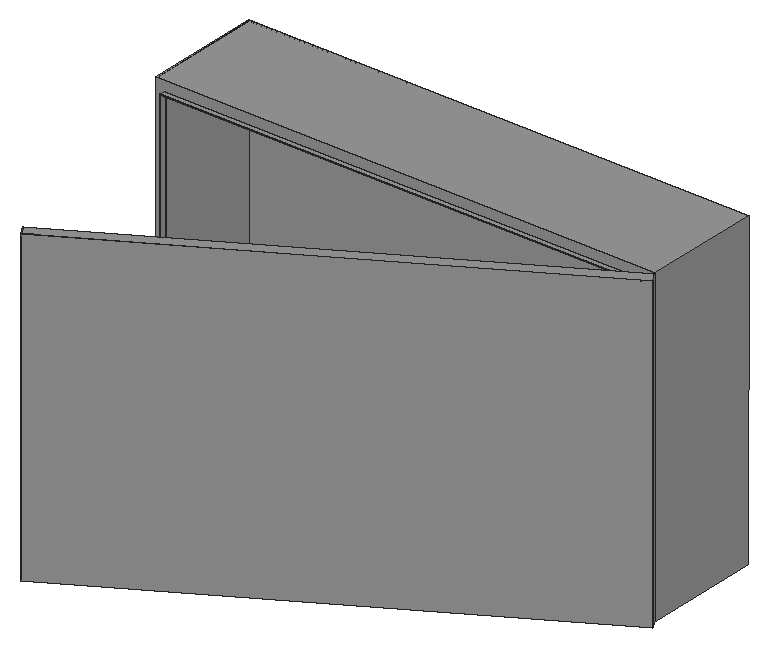
Revit family "Hager-Univers-IP44-D205-H500-Cl.II-Encl-NoHosted-AT-de", category Equipement électrique, Revit 2020
Family settings
  Configuration du panneau = Deux colonnes, circuits au sein
  Cote de connecteur circulaire = Utiliser le diamètre
  Type d'élément = Tableau de raccordement
  Basée sur le plan de construction = Oui
  Toujours verticalement = Oui
  Couper avec des vides une fois chargée = Non
  Partagée = Non
  Point de calcul de pièce = Non
Parameters (values of type "Aufputz IP44 B800 H500 T205  - FP33SN2")
  Width Control [instance] = if([EF000008 - Breite] > Min Width, [EF000008 - Breite], Min Width)  # 800 mm
  Commentaires du type = [HG000003 - Bereich]  # "Univers"
  Thickness Door [instance] = if([EF009171 - Materialstärke Tür/Deckel] > 3 mm, 3 mm, [EF009171 - Materialstärke Tür/Deckel])  # 1 mm
  Seal Frame Offset [instance] = 17 mm  # constant formula
  Plinth Visibility [instance] = [HG000027 - Sockelhöhe] > 0 mm  # no
  Min Width [instance] = 100 mm  # constant formula
  Min Depth [instance] = (2 * [EF009170 - Materialstärke Gehäuse]) + 1 mm  # 3 mm
  Min Height [instance] = 100 mm  # constant formula
  Internal Frame Depth [instance] = (Door System Depth * 0.5)  # 9 mm
  Panel Name [instance] = ""  # (empty or 0)
  Model = ""
  HG000027 - Sockelhöhe = 0 mm
  HG000026 - Stehend auf dem Boden = no
  HG000024 - Höhe des unteren Teils = 600 mm
  HG000023 - Gehäuse mit doppeltem Querschnitt = no
  HG000016 - 3D-Türsichtbarkeit [instance] = yes
  HG000015 - Sichtbarkeit der Türöffnung [instance] = no
  HG000014 - Tür rechts [instance] = yes
  HG000013 - Tür links [instance] = not([HG000014 - Tür rechts])  # no
  HG000012 - Türschwenkwinkel [instance] = 30.00°
  HG000010 - Asymmetrische Türen = no
  HG000009 - Doppelflügeligen Tür = no
  HG000006 - Unterputz = no
  HG000004 - Herstellerreferenz = "FP33SN2"
  HG000003 - Bereich = "Univers"
  HG000002 - Mit tür = yes
  Frame Offset Bottom [instance] = 10 mm  # constant formula
  Frame Offset [instance] = 15 mm  # constant formula
  EF015940 - Deckel mit Überdruckentlastung = no
  EF011959 - Schutzart (NEMA) = ""
  EF009554 - Anzahl der Öffnungen für Flanschplatten = 6
  EF009212 - Ausführung Deckel = "EV000116 - geschlossen"
  EF009171 - Materialstärke Tür/Deckel = 1 mm
  EF009170 - Materialstärke Gehäuse = 1 mm
  EF008873 - Nennstrom (In) = 250 A
  EF007800 - Geeignet für Blitzschutz = no
  EF006306 - Mit Schloss = no
  EF006244 - Transparenter Deckel/Tür = no
  EF005474 - Schutzart (IP) = "EV006418 - IP44"
  EF004464 - Art der Tür = "EV002646 - Einzel"
  EF004427 - Anzahl der Module = 108
  EF004293 - Schlagfestigkeit = "EV006815 - IK09"
  EF003532 - Geeignet für Außengebrauch = no
  EF002950 - Breite in Teilungseinheiten = 36
  EF001613 - Funktionserhalt = "EV000494 - ohne"
  EF001596 - Werkstoff des Gehäuses = "EV000179 - Stahl"
  EF001131 - Innentiefe = 143 mm
  EF001088 - Anbaumöglichkeit = yes
  EF000437 - Anzahl der Leitungseinführungen = 6
  EF000339 - Art der Abdeckung = "EV001012 - Deckel"
  EF000266 - Anzahl der Reihen = 3
  EF000218 - Einbautiefe = 205 mm
  EF000118 - Mit Montageplatte = no
  EF000116 - RAL-Nummer = "9010"
  EF000049 - Tiefe = 205 mm
  EF000040 - Höhe = 500 mm
  EF000008 - Breite = 800 mm
  EF000007 - Farbe = "EV000202 - weiß"
  EF000003 - Montageart = "EV000384 - Aufputz"
  Door System Leaf Tolerance [instance] = 1.5 mm  # constant formula
  Door System Depth [instance] = 18 mm  # constant formula
  Door Height [instance] = Height Control - [HG000027 - Sockelhöhe]  # 500 mm
  Description = ""
  Default Elevation = 1219.2 mm
  Connector Offset [instance] = Height Control / 2  # 250 mm
  Fabricant = "Hager"  # constant formula
  Height Control [instance] = if([EF000040 - Höhe] > Min Height, [EF000040 - Höhe], Min Height)  # 500 mm
  Depth Control [instance] = if([EF000049 - Tiefe] > Min Depth, [EF000049 - Tiefe], Min Depth)  # 205 mm
  Bottom Top Plate Trim [instance] = 1.5 mm  # constant formula
  Plinth height Ctrl [instance] = if([HG000027 - Sockelhöhe] > 0 mm, [HG000027 - Sockelhöhe], 12 mm)  # 12 mm
Types (5, lengths in mm): name | Width Control | HG000010 - Asymmetrische Türen | HG000009 - Doppelflügeligen Tür | HG000004 - Herstellerreferenz | EF009554 - Anzahl der Öffnungen für Flanschplatten | EF004464 - Art der Tür | EF004427 - Anzahl der Module | EF002950 - Breite in Teilungseinheiten | EF000437 - Anzahl der Leitungseinführungen | EF000008 - Breite
  Aufputz IP44 B1050 H500 T205  - FP34SN2 | 1050 | no | yes | "FP34SN2" | 8 | "EV003602 - Doppel" | 144 | 48 | 8 | 1050
  Aufputz IP44 B1300 H500 T205  - FP35SN2 | 1300 | yes | yes | "FP35SN2" | 10 | "EV003602 - Doppel" | 180 | 60 | 10 | 1300
  Aufputz IP44 B300 H500 T205  - FP31SN2 | 300 | no | no | "FP31SN2" | 2 | "EV002646 - Einzel" | 36 | 12 | 2 | 300
  Aufputz IP44 B550 H500 T205  - FP32SN2 | 550 | no | no | "FP32SN2" | 4 | "EV002646 - Einzel" | 72 | 24 | 4 | 550
  Aufputz IP44 B800 H500 T205  - FP33SN2 | 800 | no | no | "FP33SN2" | 6 | "EV002646 - Einzel" | 108 | 36 | 6 | 800
Reference planes
  plane 1 "Center (Front/Back)": y = 0
  plane 2: z = 0
  plane 3 "Center (Left/Right)": x = 0
  plane 4: y = 0
  plane 5: y = 0
  plane 6: z = 0
  plane 7: x = -400
  plane 8: x = 400
  plane 9: x = 399
  plane 10: x = -399
  plane 11: z = 0
  plane 12: z = 1
  plane 13: y = -205
  plane 14: y = -1
  plane 15: x = 0
  plane 16: y = -187
  plane 17: y = -204
  plane 18: y = -186
  plane 19: x = -384
  plane 20: x = 384
  plane 21: z = 11
  plane 22: x = -383
  plane 23: x = 383
  plane 24: z = 0
  plane 25: z = 500
  plane 26: z = 500
  plane 27: z = 484
  plane 28: z = 499
Forms (mm)
  Extrusion 1, solid, material "Hager_Steel_RAL7035_Light_Grey", detail levels medium+fine
    sketch origin (-208.679, -4572, 0) x (-1, 0, 0) y (0, -1, 0)
      loop
        line (191.321, -4385) -> (-608.679, -4385) -> (-608.679, -4572) -> (191.321, -4572) -> (191.321, -4385)
    from 0 to 500
  Extrusion 2, void
    sketch origin (-350.771, -205, 1219.2) x (1, 0, 0) y (0, 0, 1)
      loop
        line (-48.229, -720.2) -> (-48.229, -1218.2) -> (749.771, -1218.2) -> (749.771, -720.2) -> (-48.229, -720.2)
    from -19 to -204
  Extrusion 3, void
    sketch origin (-290.084, -187, 1219.2) x (1, 0, 0) y (0, 0, 1)
      loop
        line (-93.916, -1208.2) -> (674.084, -1208.2) -> (674.084, -735.2) -> (-93.916, -735.2) -> (-93.916, -1208.2)
    from 0 to -1
  Extrusion 4, solid, material "Hager_Steel_RAL7035_Light_Grey", visible <- "Plinth Visibility", detail levels medium+fine
    sketch origin (0, 0, 0) x (1, 0, 0) y (0, 1, 0)
      loop
        line (-400, 0) -> (-400, -187) -> (400, -187) -> (400, 0) -> (-400, 0)
    from 0 to 12 <- "Plinth height Ctrl"
  Extrusion 5, solid, material "Hager_Steel_RAL7035_Light_Grey", detail levels coarse
    sketch origin (0, 0, 0) x (1, 0, 0) y (0, 1, 0)
      loop
        line (-400, 0) -> (-400, -205) -> (400, -205) -> (400, 0) -> (-400, 0)
    from 0 to 500 <- "Height Control"
  Sweep 6, void
    path in 3D
      loop
        line (-400, -187, 12) -> (400, -187, 12) -> (400, 0, 12) -> (-400, 0, 12) -> (-400, -187, 12)
    profile origin (-400, -93.5, 12) x (1, 0, 0) y (0, 0, 1)
      loop
        line (0, 0) -> (0, -1.5) -> (1.5, -1.5)
        arc (1.5, -1.5) -> (1.061, -0.439) -> (0, 0) r 1.5
  Extrusion 7, solid, material "Hager_Steel_RAL7035_Light_Grey", detail levels fine
    sketch origin (-400, -187, 0) x (1, 0, 0) y (0, 0, 1)
      loop
        line (16, 11) -> (784, 11) -> (784, 484) -> (16, 484) -> (16, 11)
      loop
        line (15, 10) -> (785, 10) -> (785, 485) -> (15, 485) -> (15, 10)
    from 0 to 9 <- "Internal Frame Depth"
Cuts and joins
  Extrusion 2, Extrusion 3 cuts Extrusion 1
  Sweep 6 cuts Extrusion 4
Lines and regions (mm)
  Masking region 1
    outline origin (0, 0, 0) x (1, 0, 0) y (0, 1, 0)
      loop
        line (-400, 0) -> (-400, -205) -> (400, -205) -> (400, 0) -> (-400, 0)
  Masking region 2, detail levels coarse
    outline origin (-290.084, -187, 1219.2) x (-1, 0, 0) y (0, 0, 1)
      loop
        line (-690.084, -1219.2) -> (109.916, -1219.2) -> (109.916, -719.2) -> (-690.084, -719.2) -> (-690.084, -1219.2)
  Masking region 3, detail levels coarse
    outline origin (0, 0, 0) x (0, 1, 0) y (0, 0, 1)
      loop
        line (0, 0) -> (0, 500) -> (-205, 500) -> (-205, 0) -> (0, 0)
  Masking region 4, visible <- "Plinth Visibility", detail levels medium+fine
    outline origin (0, 0, 0) x (0, 1, 0) y (0, 0, 1)
      loop
        line (-1.5, 12) -> (-185.5, 12)
        arc (-185.5, 12) -> (-185.939, 10.939) -> (-187, 10.5) r 1.5
        line (-187, 10.5) -> (-187, 0) -> (0, 0) -> (0, 10.5)
        arc (0, 10.5) -> (-1.061, 10.939) -> (-1.5, 12) r 1.5
  Masking region 5, detail levels medium+fine
    outline origin (0, 0, 594.038) x (0, 1, 0) y (0, 0, 1)
      loop
        line (0, -594.038) -> (0, -94.038) -> (-187, -94.038) -> (-187, -594.038) -> (0, -594.038)
  Masking region 6, detail levels medium+fine
    outline origin (-359.7, -187, 1211.883) x (-1, 0, 0) y (0, 0, 1)
      loop
        line (-759.7, -1211.883) -> (40.3, -1211.883) -> (40.3, -711.883) -> (-759.7, -711.883) -> (-759.7, -1211.883)
  Masking region 7, visible <- "Plinth Visibility", detail levels medium+fine
    outline origin (-320.334, -187, 1041.368) x (-1, 0, 0) y (0, 0, 1)
      loop
        line (-720.334, -1041.368) -> (79.666, -1041.368) -> (79.666, -1030.868)
        arc (79.666, -1030.868) -> (78.606, -1030.429) -> (78.166, -1029.368) r 1.5
        line (78.166, -1029.368) -> (-718.834, -1029.368)
        arc (-718.834, -1029.368) -> (-719.273, -1030.429) -> (-720.334, -1030.868) r 1.5
        line (-720.334, -1030.868) -> (-720.334, -1041.368)
  sketch lines
    curve 1: line (-400, 0, 12) -> (-400, -187, 12)
    curve 2: line (-400, -187, 12) -> (400, -187, 12)
    curve 3: line (400, 0, 12) -> (-400, 0, 12)
    curve 4: line (400, -187, 12) -> (400, 0, 12)
Dimensions and locks
  locked: plane 1 "Center (Front/Back)" to plane 5
  "EF009170 - Materialstärke Gehäuse": plane 7 to plane 10
  "EF009170 - Materialstärke Gehäuse": plane 8 to plane 9
  equal spacing: plane 7, plane 3 "Center (Left/Right)", plane 8
  "Width Control": plane 7 to plane 8
  "Depth Control": plane 4 to plane 13
  "EF009170 - Materialstärke Gehäuse": plane 4 to plane 14
  "Height Control": plane 25 to level
  "HG000027 - Sockelhöhe": plane 11 to level
  "EF009170 - Materialstärke Gehäuse": plane 12 to plane 11
  "EF009170 - Materialstärke Gehäuse": plane 17 to plane 13
  "EF009170 - Materialstärke Gehäuse": plane 18 to plane 16
  "Frame Offset Bottom": plane 21 to plane 12
  "Frame Offset": plane 10 to plane 19
  "Frame Offset": plane 9 to plane 20
  "Door System Depth": plane 16 to plane 13
  "Seal Frame Offset": plane 7 to plane 22
  "Seal Frame Offset": plane 8 to plane 23
  "EF009170 - Materialstärke Gehäuse": plane 26 to plane 28
  "Frame Offset": plane 28 to plane 27
  "Connector Offset": plane 2 to connector elem
  "Bottom Top Plate Trim": profile plane to Sweep 6 sketch curve
  "Bottom Top Plate Trim": Sweep 6 sketch curve to Sweep 6 sketch curve
  "Plinth height Ctrl": Masking region 4 sketch curve to level
  "Plinth height Ctrl": Masking region 7 sketch curve to level
  "Thickness Door": Extrusion 7 sketch curve to Extrusion 7 sketch curve  (x4)
  "Bottom Top Plate Trim": radius of Sweep 6 sketch curve
  "Bottom Top Plate Trim": radius of Masking region 4 sketch curve  (x2)
  "Bottom Top Plate Trim": radius of Masking region 7 sketch curve  (x2)
  aligned and locked: Extrusion 2 sketch curve to plane 12
  aligned and locked: Extrusion 2 sketch curve to plane 9
  aligned and locked: Extrusion 2 sketch curve to plane 10
  aligned and locked: Extrusion 2 to plane 14
  aligned and locked: Extrusion 1 sketch curve to plane 4
  aligned and locked: plane 8 to Extrusion 1 sketch curve
  aligned and locked: plane 7 to Extrusion 1 sketch curve
  aligned and locked: Extrusion 2 to plane 18
  aligned and locked: plane 19 to Extrusion 3 sketch curve
  aligned and locked: plane 20 to Extrusion 3 sketch curve
  aligned and locked: Extrusion 3 to Extrusion 2
  aligned and locked: Extrusion 3 sketch curve to plane 21
  aligned and locked: plane 3 "Center (Left/Right)" to nested 1
  aligned and locked: Extrusion 1 sketch curve to plane 16
  aligned and locked: Extrusion 4 sketch curve to cut or joined group of Extrusion 1, Extrusion 2, Extrusion 3
  aligned and locked: Masking region 1 sketch curve to plane 7
  aligned and locked: Masking region 1 sketch curve to plane 5
  aligned and locked: Masking region 1 sketch curve to plane 8
  aligned and locked: Masking region 2 sketch curve to level
  aligned and locked: level to Masking region 3 sketch curve
  aligned and locked: plane 1 "Center (Front/Back)" to Masking region 3 sketch curve
  aligned and locked: plane 13 to Masking region 3 sketch curve
  aligned and locked: plane 5 to Masking region 4 sketch curve
  aligned and locked: Masking region 2 sketch curve to plane 8
  aligned and locked: Masking region 2 sketch curve to plane 7
  aligned and locked: plane 7 to nested 2
  aligned and locked: nested 2 to plane 5
  aligned and locked: plane 5 to Masking region 5 sketch curve
  aligned and locked: plane 26 to Masking region 5 sketch curve
  aligned and locked: Extrusion 5 sketch curve to plane 8
  aligned and locked: Extrusion 5 sketch curve to plane 7
  aligned and locked: Extrusion 5 sketch curve to plane 5
  aligned and locked: Extrusion 3 sketch curve to plane 27
  aligned and locked: Extrusion 2 sketch curve to plane 28
  aligned and locked: Masking region 2 to plane 25
  aligned and locked: Extrusion 4 to plane 16
  aligned and locked: profile plane to Sweep 6 sketch curve
  aligned and locked: Masking region 5 sketch curve to plane 24
  aligned and locked: level to Masking region 4 sketch curve
  aligned and locked: Masking region 1 to plane 13
  aligned and locked: nested 1 to plane 16
  aligned and locked: Masking region 3 to plane 25
  aligned and locked: plane 16 to Masking region 4 sketch curve
  aligned and locked: Masking region 5 sketch curve to plane 16
  aligned and locked: plane 24 to plane 11
  aligned and locked: plane 26 to plane 25
  aligned and locked: plane 26 to cut or joined group of Extrusion 1, Extrusion 2, Extrusion 3
  aligned and locked: nested 1 to plane 24
  aligned and locked: Extrusion 1 to Extrusion 3
  aligned and locked: Masking region 6 sketch curve to plane 8
  aligned and locked: Masking region 6 sketch curve to plane 24
  aligned and locked: Masking region 6 sketch curve to plane 7
  aligned and locked: Masking region 6 sketch curve to plane 26
  aligned and locked: Masking region 7 sketch curve to plane 7
  aligned and locked: level to Masking region 7 sketch curve
  aligned and locked: Masking region 7 sketch curve to plane 8
  aligned and locked: Extrusion 7 sketch curve to cut or joined group of Extrusion 1, Extrusion 2, Extrusion 3  (x4)
Automatic sketch dimensions
  plane 19 to Extrusion 3 sketch curve = 0 mm
  Extrusion 3 sketch curve to plane 20 = 0 mm
  Extrusion 3 sketch curve to plane 21 = 0 mm
  Extrusion 4 sketch curve to plane 7 = 0 mm
  Extrusion 4 sketch curve to plane 8 = 0 mm
  Extrusion 4 sketch curve to plane 16 = 0 mm
  Masking region 1 sketch curve to plane 13 = 0 mm
  Masking region 2 sketch curve to plane 25 = 0 mm
  Masking region 3 sketch curve to plane 25 = 0 mm
  Extrusion 5 sketch curve to plane 13 = 0 mm
  profile plane to Sweep 6 sketch curve = 0 mm
Nested families
  nested 1: "EC000058_Univers_Door" at (0, -187, 0), Double <- "HG000009 - Doppelflügeligen Tür", Transparent <- "EF006244 - Transparenter Deckel/Tür", Angle <- "HG000012 - Türschwenkwinkel", Door_Right <- "HG000014 - Tür rechts", Assymetrical <- "HG000010 - Asymmetrische Türen", Door <- "HG000002 - Mit tür", Width_Ctrl <- "Width Control", 3d_Door <- "HG000016 - 3D-Türsichtbarkeit", Clearance <- "HG000015 - Sichtbarkeit der Türöffnung", Door_Left <- "HG000013 - Tür links", Width <- "Width Control", Door_Depth <- "Door System Depth", Leaf_Tolerance <- "Door System Leaf Tolerance", Height <- "Door Height", Lock_Visibility <- "EF006306 - Mit Schloss", Thickness <- "Thickness Door", type "EC000058_Univers_Door", detail levels medium+fine
    with min_wh 3 mm, Width_Ctrl 800 mm, Width 800 mm, Transparent no, Thickness 1 mm, Seal_Material Hager_Rubber, Lock_Visibility no, Lock_Material Hager_Plastic_RAL9005_Jet_Black, Leaf_Width 800 mm, Leaf_Tolerance_External_Sides 0 mm, Leaf_Tolerance 1.5 mm, Leaf_Offset 0 mm, Leaf_Height 497 mm, Leaf_2_Width 800 mm, Leaf_2_Offset 400 mm, Leaf_1_Width 800 mm, Leaf_1_Offset 400 mm, Height_Ctrl 500 mm, Height 500 mm, Glass_Material Hager_Glass, Double_Clearance_Ctrl no, Double no, Door_Right_Ctrl yes, Door_Right yes, Door_Material Hager_Steel_RAL7035_Light_Grey, Door_Left_Ctrl no, Door_Left no, Door_Depth 18 mm, Door yes, Clearance_Material Hager_Clearance, Clearance_Depth 800 mm, Clearance_Ctrl no, Clearance no, Assymetrical no, Angle 30.00°, 3d_Door yes
  nested 2: "Hager_Enclosure_Symbol" at (-400, 0, 0), Height <- "Depth Control", Width <- "Width Control", type "Hager_Enclosure_Symbol"
    with Width_Ctrl 800 mm, Width 800 mm, Height_Ctrl 205 mm, Height 205 mm, A_Width_Int 13.453 mm, A_Width 161.438 mm, A_Height_Ctrl 179.375 mm, A_Height 179.375 mm
Connectors
  electrical at (0, 0, 250)
    settings: on plane 1 "Center (Front/Back)", index 1, voltage 0 V, apparent load 0 VA, apparent load phase1 0 VA, apparent load phase2 0 VA, apparent load phase3 0 VA, power factor 1, load classification "Other", number of poles 1, system type 30, power factor state 1, is connector primary yes, connector utility no, sub classification motor no, connector description ""
Definition of nested family "EC000058_Univers_Door"
  Parameters (values of type "EC000058_Univers_Door")
    min_wh [instance] = (2 * Thickness) + 1 mm  # 11 mm
    Width_Ctrl [instance] = 400 mm
    Width [instance] = 500 mm
    Transparent [instance] = yes
    Thickness [instance] = 5 mm
    Seal_Material [instance] = none
    Lock_Visibility [instance] = yes
    Lock_Material [instance] = none
    Leaf_Width [instance] = if((Width_Ctrl - 2 * Leaf_Tolerance_External_Sides) > 0 mm, (Width_Ctrl - 2 * Leaf_Tolerance_External_Sides), min_wh)  # 400 mm
    Leaf_Tolerance_External_Sides [instance] = 0 mm  # constant formula
    Leaf_Tolerance [instance] = 1.5 mm
    Leaf_Offset [instance] = 0 mm  # constant formula
    Leaf_Height [instance] = if((Height_Ctrl - 2 * Leaf_Tolerance) > 0 mm, (Height_Ctrl - 2 * Leaf_Tolerance), min_wh)  # 497 mm
    Leaf_2_Width [instance] = if(and(and(Double, Assymetrical), Door_Left), (Leaf_Width / 3) - (Leaf_Tolerance / 2), if(and(and(Double, Assymetrical), Door_Right), (Leaf_Width / 3) * 2 - (Leaf_Tolerance / 2), if(and(Double, not(Assymetrical)), (Leaf_Width / 2) - Leaf_Tolerance, Leaf_Width)))  # 400 mm
    Leaf_2_Offset [instance] = if(and(Double, Assymetrical), Leaf_2_Width / 2, if(and(Double, not(Assymetrical)), Leaf_Width / 4, Leaf_Width / 2))  # 200 mm
    Leaf_1_Width [instance] = if(and(and(Double, Assymetrical), Door_Right), (Leaf_Width / 3) - (Leaf_Tolerance / 2), if(and(and(Double, Assymetrical), Door_Left), (Width / 3) * 2 - (Leaf_Tolerance / 2), if(and(Double, not(Assymetrical)), (Leaf_Width / 2) - Leaf_Tolerance, Leaf_Width)))  # 400 mm
    Leaf_1_Offset [instance] = if(and(Double, Assymetrical), Leaf_1_Width / 2, if(and(Double, not(Assymetrical)), Leaf_Width / 4, Leaf_Width / 2))  # 200 mm
    Height_Ctrl [instance] = if(Height > min_wh, Height, min_wh)  # 500 mm
    Height [instance] = 500 mm
    Glass_Material [instance] = none
    Double_Clearance_Ctrl [instance] = and(Double, Clearance)  # no
    Double [instance] = no
    Door_Right_Ctrl [instance] = and(or(Door_Right, Double), Door)  # yes
    Door_Right [instance] = yes
    Door_Material [instance] = none
    Door_Left_Ctrl [instance] = and(or(Door_Left, Double), Door)  # no
    Door_Left [instance] = no
    Door_Depth [instance] = 30 mm
    Door [instance] = yes
    Default Elevation = 1219.2 mm
    Clearance_Material [instance] = none
    Clearance_Depth [instance] = if(Leaf_1_Width > Leaf_2_Width, Leaf_1_Width, Leaf_2_Width)  # 400 mm
    Clearance_Ctrl [instance] = and(not(Double), Clearance)  # yes
    Clearance [instance] = yes
    Assymetrical [instance] = yes
    Angle [instance] = 30.00°
    3d_Door [instance] = yes
  Reference planes
    plane 1 "Center (Front/Back)": y = 0
    plane 2 "Bottom": z = 0
    plane 3 "Center (Left/Right)": x = 0
    plane 4: z = 500
    plane 5: x = -200
    plane 6: x = 200
    plane 7: z = 500
    plane 8: x = -200
    plane 9: z = 0
    plane 10: x = 200
    plane 11: y = 0
    plane 12: z = 1.5
    plane 13: x = -600
    plane 14: y = -400
    plane 15: x = 600
    plane 16: x = 0
    plane 17: x = 0
    plane 18: x = -200
    plane 19: x = 200
    plane 20: z = 498.5
  Forms (mm)
    Extrusion 1, solid, material <- "Clearance_Material", visible <- "Double_Clearance_Ctrl"
      sketch origin (1200, 0, 0) x (1, 0, 0) y (0, 0, -1)
        loop
          line (-1800, -498.5) -> (-600, -498.5) -> (-600, 0) -> (-1800, 0) -> (-1800, -498.5)
      from 0 to -400
  Dimensions and locks
    equal spacing: plane 5, plane 3 "Center (Left/Right)", plane 6
    "Width_Ctrl": plane 5 to plane 6
    "Leaf_Offset": plane 5 to plane 8
    "Leaf_Offset": plane 6 to plane 10
    "Leaf_Offset": plane 9 to level
    "Leaf_Offset": plane 4 to plane 7
    "Height_Ctrl": plane 4 to level
    "Leaf_Tolerance": plane 12 to plane 9
    locked: plane 11 to plane 1 "Center (Front/Back)"
    "Leaf_1_Offset": plane 18 to plane 16
    "Leaf_2_Offset": plane 17 to plane 19
    "Leaf_1_Width": plane 13 to plane 8
    "Leaf_2_Width": plane 10 to plane 15
    "Clearance_Depth": plane 14 to plane 1 "Center (Front/Back)"
    "Leaf_Tolerance_External_Sides": plane 8 to plane 18
    "Leaf_Tolerance_External_Sides": plane 19 to plane 10
    "Leaf_Tolerance": plane 7 to plane 20
    aligned and locked: level to plane 2 "Bottom"
    aligned and locked: nested 1 to plane 16
    aligned and locked: nested 2 to plane 17
    aligned and locked: Extrusion 1 to plane 13
    aligned and locked: plane 15 to Extrusion 1
    aligned and locked: Extrusion 1 to plane 14
    aligned and locked: plane 12 to nested 1
    aligned and locked: nested 2 to plane 12
    aligned and locked: Extrusion 1 to plane 11
    aligned and locked: plane 20 to Extrusion 1
    aligned and locked: nested 2 to plane 11
    aligned and locked: nested 1 to plane 11
  Automatic sketch dimensions
    Extrusion 1 sketch curve to level = 0 mm
    plane 5 to Extrusion 1 sketch curve = 400 mm
    plane 6 to Extrusion 1 sketch curve = 400 mm
    Extrusion 1 sketch curve to plane 4 = 1.5 mm
  Nested families
    nested 1: "EC000058_Univers_Door_Leaf" at (0, 0, 1.5), Width <- "Leaf_1_Width", visible <- "Door_Left_Ctrl", Leaf_Height <- "Leaf_Height", Angle <- "Angle", 3d_Door <- "3d_Door", Transparent <- "Transparent", Clearance Material <- "Clearance_Material", Clearance <- "Clearance_Ctrl", Door_Material <- "Door_Material", Glass_Material <- "Glass_Material", Door_Depth <- "Door_Depth", Lock_Material <- "Lock_Material", Seal_Material <- "Seal_Material", Lock_Visibility <- "Lock_Visibility", Thickness <- "Thickness", type "EC000058_Univers_Door_Leaf"
      with Width 400 mm, Transparent_Glass_Offset 30 mm, Transparent_Ctrl yes, Transparent yes, Thickness 5 mm, Standard no, Seal_Material none, Seal_D2 8 mm, Seal_D1 1 mm, Offset_Internal_Frame 10 mm, Lock_Width 20 mm, Lock_Visibility_3d yes, Lock_Visibility yes, Lock_Thickness_3 3 mm, Lock_Thickness_2 1 mm, Lock_Thickness_1 3 mm, Lock_Radius_Offset_2 16 mm, Lock_Radius_Offset_1 15 mm, Lock_Radius_2 5 mm, Lock_Radius 6 mm, Lock_Offset 5 mm, Lock_Material none, Lock_Height 80 mm, Lock_Cover_Top_Offset_2d 17 mm, Lock_Cover_Height -65 mm, Leaf_Height 497 mm, Internal_Seal_Thickness 8 mm, Internal_Seal_Depth_2 4.5 mm, Internal_Frame_Depth 25 mm, Glass_Thickness -1 mm, Glass_Offset -2 mm, Glass_Material none, Door_Material none, Door_Depth 30 mm, Clearance Material none, Clearance yes, Angle_Ctrl 30.00°, Angle 30.00°, 3d_Door yes
    nested 2: "EC000058_Univers_Door_Leaf" at (0, 0, 1.5) x (-1, 0, 0) z (0, 0, 1), Width <- "Leaf_2_Width", visible <- "Door_Right_Ctrl", Leaf_Height <- "Leaf_Height", Angle <- "Angle", 3d_Door <- "3d_Door", Transparent <- "Transparent", Clearance Material <- "Clearance_Material", Clearance <- "Clearance_Ctrl", Door_Material <- "Door_Material", Glass_Material <- "Glass_Material", Door_Depth <- "Door_Depth", Lock_Material <- "Lock_Material", Seal_Material <- "Seal_Material", Lock_Visibility <- "Lock_Visibility", Thickness <- "Thickness", type "EC000058_Univers_Door_Leaf"
      with Width 400 mm, Transparent_Glass_Offset 30 mm, Transparent_Ctrl yes, Transparent yes, Thickness 5 mm, Standard no, Seal_Material none, Seal_D2 8 mm, Seal_D1 1 mm, Offset_Internal_Frame 10 mm, Lock_Width 20 mm, Lock_Visibility_3d yes, Lock_Visibility yes, Lock_Thickness_3 3 mm, Lock_Thickness_2 1 mm, Lock_Thickness_1 3 mm, Lock_Radius_Offset_2 16 mm, Lock_Radius_Offset_1 15 mm, Lock_Radius_2 5 mm, Lock_Radius 6 mm, Lock_Offset 5 mm, Lock_Material none, Lock_Height 80 mm, Lock_Cover_Top_Offset_2d 17 mm, Lock_Cover_Height -65 mm, Leaf_Height 497 mm, Internal_Seal_Thickness 8 mm, Internal_Seal_Depth_2 4.5 mm, Internal_Frame_Depth 25 mm, Glass_Thickness -1 mm, Glass_Offset -2 mm, Glass_Material none, Door_Material none, Door_Depth 30 mm, Clearance Material none, Clearance yes, Angle_Ctrl 30.00°, Angle 30.00°, 3d_Door yes
  Definition of nested family "EC000058_Univers_Door_Leaf"
    Parameters (values of type "EC000058_Univers_Door_Leaf")
      Width [instance] = 2000 mm
      Transparent_Glass_Offset [instance] = 30 mm
      Transparent_Ctrl [instance] = and(Transparent, [3d_Door])  # yes
      Transparent [instance] = yes
      Thickness [instance] = 5 mm
      Standard [instance] = and(not(Transparent), [3d_Door])  # no
      Seal_Material [instance] = none
      Seal_D2 [instance] = 8 mm  # constant formula
      Seal_D1 [instance] = 1 mm  # constant formula
      Offset_Internal_Frame [instance] = 10 mm  # constant formula
      Lock_Width [instance] = 20 mm  # constant formula
      Lock_Visibility_3d [instance] = and(Lock_Visibility, [3d_Door])  # yes
      Lock_Visibility [instance] = yes
      Lock_Thickness_3 [instance] = 3 mm  # constant formula
      Lock_Thickness_2 [instance] = 1 mm  # constant formula
      Lock_Thickness_1 [instance] = 3 mm  # constant formula
      Lock_Radius_Offset_2 [instance] = Lock_Radius_Offset_1 + 1 mm  # 16 mm
      Lock_Radius_Offset_1 [instance] = 15 mm  # constant formula
      Lock_Radius_2 [instance] = Lock_Radius - 1 mm  # 5 mm
      Lock_Radius [instance] = 6 mm  # constant formula
      Lock_Offset [instance] = 5 mm  # constant formula
      Lock_Material [instance] = none
      Lock_Height [instance] = 80 mm  # constant formula
      Lock_Cover_Top_Offset_2d [instance] = Lock_Radius_Offset_2 + 1 mm  # 17 mm
      Lock_Cover_Height [instance] = -(Lock_Height - Lock_Radius_Offset_1)  # -65 mm
      Leaf_Height [instance] = 2720.336 mm
      Internal_Seal_Thickness [instance] = 8 mm  # constant formula
      Internal_Seal_Depth_2 [instance] = 4.5 mm  # constant formula
      Internal_Frame_Depth [instance] = if(Door_Depth - Thickness > 5 mm, Door_Depth - Thickness, 5 mm)  # 25 mm
      Glass_Thickness [instance] = if(Thickness > 15 mm, Glass_Offset + 10 mm, -1 mm)  # -1 mm
      Glass_Offset [instance] = if(Thickness > 15 mm, -(Thickness + 10 mm) / 2, -2 mm)  # -2 mm
      Glass_Material [instance] = none
      Door_Material [instance] = none
      Door_Depth [instance] = 30 mm
      Default Elevation = 0 mm
      Clearance Material [instance] = none
      Clearance [instance] = yes
      Angle_Ctrl [instance] = if(Angle > 180.00°, 180.00°, Angle)  # 90.00°
      Angle [instance] = 90.00°
      3d_Door [instance] = yes
    Reference planes
      plane 1 "Center (Front/Back)": y = 0
      plane 2: z = 0
      plane 3 "Center (Left/Right)": x = 0
      plane 4: y = 2000
      plane 5: x = -1000
      plane 6: x = 1000
      plane 7: x = -3000
      plane 8: z = 2720.336
      plane 9: z = 30
      plane 10: z = 2690.336
      plane 11: x = 970
      plane 12: x = -970
      plane 13: y = -3
      plane 14: z = 107.833
      plane 15: y = -5
      plane 16: y = -223.314
      plane 17: x = -1000
      plane 18: z = 1360.168
      plane 19: y = 30
    Forms (mm)
      Extrusion 1, solid, material <- "Clearance Material", visible <- "Clearance"
        sketch origin (0, 0, 0) x (1, 0, 0) y (0, 0, 1)
          loop
            line (-3000, 2720.336) -> (-3000, 0) -> (1000, 0) -> (1000, 2720.336) -> (-3000, 2720.336)
        from 0 to -2000
      Extrusion 2, solid, material <- "Door_Material", visible <- "Standard", detail levels medium+fine
        sketch origin (-1000, 0, 0) x (0, 1, 0) y (-1, 0, 0)
          loop
            line (0, 30) -> (0, 25) -> (2000, 25) -> (2000, 30) -> (0, 30)
        from 0 to 2720.336 <- "Leaf_Height"
      Extrusion 3, solid, material <- "Door_Material", visible <- "Transparent_Ctrl", detail levels medium+fine
        sketch origin (-1000, 0, 0) x (0, 1, 0) y (-1, 0, 0)
          loop
            line (0, 25) -> (2000, 25) -> (2000, 30) -> (0, 30) -> (0, 25)
        from 0 to 2720.336 <- "Leaf_Height"
      Extrusion 4, void
        sketch origin (-1025, 2000, 0) x (0, 1, 0) y (0, 0, -1)
          loop
            line (-30, -2690.336) -> (-30, -30) -> (-1970, -30) -> (-1970, -2690.336) -> (-30, -2690.336)
        from 0 to 5 <- "Thickness"
      Sweep 5, solid, material <- "Seal_Material", visible <- "Transparent_Ctrl", detail levels fine
        path in 3D
          loop
            line (-1025, 30, 30) -> (-1025, 30, 2690.336) -> (-1025, 1970, 2690.336) -> (-1025, 1970, 30) -> (-1025, 30, 30)
        profile origin (-1025, 1000, 30) x (1, 0, 0) y (0, 0, 1)
          loop
            line (0, 0) -> (0, -8) -> (1, -8) -> (1, 0) -> (0, 0)
      Extrusion 6, solid, material <- "Glass_Material", visible <- "Transparent_Ctrl", detail levels medium+fine
        sketch origin (-1030, 0, 0) x (0, 1, 0) y (0, 0, -1)
          loop
            line (1970, -2690.336) -> (1970, -30) -> (30, -30) -> (30, -2690.336) -> (1970, -2690.336)
        from -2 <- "Glass_Offset" to -1 <- "Glass_Thickness"
      Extrusion 7, solid, material <- "Door_Material", visible <- "3d_Door", detail levels medium+fine
        sketch origin (-1025, 2000, 0) x (0, -1, 0) y (0, 0, -1)
          loop
            line (0, -2720.336) -> (2000, -2720.336) -> (2000, 0) -> (0, 0) -> (0, -2720.336)
          loop
            line (1995, -5) -> (5, -5) -> (5, -2715.336) -> (1995, -2715.336) -> (1995, -5)
        from 0 to 25 <- "Internal_Frame_Depth"
      Sweep 8, solid, material <- "Seal_Material", visible <- "Transparent_Ctrl", detail levels fine
        path in 3D
          loop
            line (-1025, 0, 0) -> (-1025, 2000, 0) -> (-1025, 2000, 2720.336) -> (-1025, 0, 2720.336) -> (-1025, 0, 0)
        profile origin (-1025, 0, 1360.168) x (1, 0, 0) y (0, 1, 0)
          loop
            line (0, 10) -> (2.975, 10)
            arc (2.975, 10) -> (4.053, 10.447) -> (4.5, 11.525) r 1.525
            line (4.5, 11.525) -> (4.5, 16.527)
            arc (4.5, 16.527) -> (4.069, 17.569) -> (3.027, 18) r 1.473
            line (3.027, 18) -> (0, 18) -> (0, 10)
      Extrusion 9, solid, material <- "Lock_Material", visible <- "Lock_Visibility_3d", detail levels fine
        sketch origin (-1030, 0, 0) x (0, 1, 0) y (0, 0, -1)
          loop
            arc (1993.5, -1400.168) -> (1994.561, -1399.729) -> (1995, -1398.668) r 1.5
            line (1995, -1398.668) -> (1995, -1320.168) -> (1975, -1320.168) -> (1975, -1398.668)
            arc (1975, -1398.668) -> (1975.439, -1399.729) -> (1976.5, -1400.168) r 1.5
            line (1976.5, -1400.168) -> (1993.5, -1400.168)
        from 3 <- "Lock_Thickness_1" to 0
      Blend 10, solid, material <- "Lock_Material", visible <- "Lock_Visibility_3d", detail levels fine
        base sketch origin (-1033, 0, 0) x (0, 1, 0) y (0, 0, -1)
          loop
            line (1975, -1320.168) -> (1975, -1398.668)
            arc (1975, -1398.668) -> (1975.439, -1399.729) -> (1976.5, -1400.168) r 1.5
            line (1976.5, -1400.168) -> (1993.5, -1400.168)
            arc (1993.5, -1400.168) -> (1994.561, -1399.729) -> (1995, -1398.668) r 1.5
            line (1995, -1398.668) -> (1995, -1320.168) -> (1975, -1320.168)
        top sketch origin (-1033, 0, 0) x (0, 1, 0) y (0, 0, -1)
          loop
            line (1976, -1320.168) -> (1976, -1398.668)
            arc (1976, -1398.668) -> (1976.146, -1399.022) -> (1976.5, -1399.168) r 0.5
            line (1976.5, -1399.168) -> (1993.5, -1399.168)
            arc (1993.5, -1399.168) -> (1993.854, -1399.022) -> (1994, -1398.668) r 0.5
            line (1994, -1398.668) -> (1994, -1320.168) -> (1976, -1320.168)
        from 0 to 1 <- "Lock_Thickness_2"
      Blend 11, solid, material <- "Lock_Material", visible <- "Lock_Visibility_3d", detail levels fine
        base sketch origin (-1034, 0, 0) x (0, 1, 0) y (0, 0, -1)
          loop
            line (1978, -1320.168) -> (1978, -1384.168)
            arc (1978, -1384.168) -> (1985, -1391.168) -> (1992, -1384.168) r 7
            line (1992, -1384.168) -> (1992, -1320.168) -> (1978, -1320.168)
        top sketch origin (-1034, 0, 0) x (0, 1, 0) y (0, 0, -1)
          loop
            line (1991, -1320.168) -> (1979, -1320.168) -> (1979, -1383.168)
            arc (1979, -1383.168) -> (1985, -1389.168) -> (1991, -1383.168) r 6
            line (1991, -1383.168) -> (1991, -1320.168)
        from 0 to 3 <- "Lock_Thickness_3"
      Extrusion 12, solid, material <- "Lock_Material", visible <- "Lock_Visibility_3d", detail levels fine
        sketch origin (-1030, 1975, 1320.168) x (1, 0, 0) y (0, -1, 0)
          loop
            line (-7, -19) -> (-7, -1) -> (0, -1) -> (0, 0) -> (-8, 0) -> (-8, -20) -> (0, -20) -> (0, -19) -> (-7, -19)
        from 0 to -65 <- "Lock_Cover_Height"
      Extrusion 13, void
        sketch origin (-1038, 1995, 1320.168) x (-1, 0, 0) y (0, 0, -1)
          loop
            line (-5, -65) -> (0, -65) -> (-5, -60) -> (-5, -65)
        from 0 to 20 <- "Lock_Width"
      Extrusion 14, void
        sketch origin (-1038, 1975, 1320.168) x (0, -1, 0) y (0, 0, -1)
          loop
            circle (-10, -15.995) r 6
          loop
            circle (-10, -15.995) r 5
        from 0 to 2
      Extrusion 15, solid, material <- "Lock_Material", visible <- "Lock_Visibility_3d", detail levels medium
        sketch origin (-1030, 0, 0) x (0, 1, 0) y (0, 0, -1)
          loop
            arc (1993.5, -1400.168) -> (1994.561, -1399.729) -> (1995, -1398.668) r 1.5
            line (1995, -1398.668) -> (1995, -1320.168) -> (1975, -1320.168) -> (1975, -1398.668)
            arc (1975, -1398.668) -> (1975.439, -1399.729) -> (1976.5, -1400.168) r 1.5
            line (1976.5, -1400.168) -> (1993.5, -1400.168)
        from 8 to 0
    Cuts and joins
      Extrusion 4 cuts Extrusion 3
      Extrusion 13, Extrusion 14 cuts Extrusion 9
      Extrusion 14 cuts Blend 11
      Extrusion 13, Extrusion 14 cuts Extrusion 12
      joined: Extrusion 9, Blend 10, Blend 11, Extrusion 12
      Extrusion 14 cuts Extrusion 15
    Lines and regions (mm)
      Masking region 1, visible <- "Lock_Visibility", detail levels fine
        outline origin (0, 0, 0) x (0, 1, 0) y (0, 0, 1)
          loop
            line (30, 1320.168) -> (33, 1320.168) -> (33, 1400.168) -> (30, 1400.168) -> (30, 1320.168)
      Masking region 2, visible <- "Lock_Visibility", detail levels fine
        outline origin (0, 3.143, 0) x (0, 1, 0) y (0, 0, 1)
          loop
            line (29.857, 1354.168) -> (30.857, 1354.168) -> (30.857, 1366.168) -> (29.857, 1366.168) -> (29.857, 1354.168)
      Masking region 3, detail levels medium+fine
        outline origin (0, 0, 0) x (0, 1, 0) y (0, 0, 1)
          loop
            line (0, 0) -> (30, 0) -> (30, 2720.336) -> (0, 2720.336) -> (0, 0)
      Masking region 4, detail levels medium+fine
        outline origin (0, 0, 0) x (1, 0, 0) y (0, 0, 1)
          loop
            line (-1000, 2720.336) -> (-1000, 0) -> (1000, 0) -> (1000, 2720.336) -> (-1000, 2720.336)
      Masking region 5, visible <- "Lock_Visibility", detail levels fine
        outline origin (-47.116, 0, 0) x (1, 0, 0) y (0, 0, 1)
          loop
            arc (1024.616, 1399.168) -> (1023.556, 1398.729) -> (1023.116, 1397.668) r 1.5
            line (1023.116, 1397.668) -> (1023.116, 1320.168) -> (1041.116, 1320.168) -> (1041.116, 1397.668)
            arc (1041.116, 1397.668) -> (1040.677, 1398.729) -> (1039.616, 1399.168) r 1.5
            line (1039.616, 1399.168) -> (1024.616, 1399.168)
      Masking region 6, visible <- "Lock_Visibility", detail levels medium+fine
        outline origin (-25, 0, 0) x (1, 0, 0) y (0, 0, 1)
          loop
            arc (1001.5, 1400.168) -> (1000.439, 1399.729) -> (1000, 1398.668) r 1.5
            line (1000, 1398.668) -> (1000, 1320.168) -> (1020, 1320.168) -> (1020, 1398.668)
            arc (1020, 1398.668) -> (1019.561, 1399.729) -> (1018.5, 1400.168) r 1.5
            line (1018.5, 1400.168) -> (1001.5, 1400.168)
      Masking region 7, visible <- "Lock_Visibility", detail levels fine
        outline origin (-73.735, 0, 0) x (1, 0, 0) y (0, 0, 1)
          loop
            line (1051.735, 1382.168) -> (1065.735, 1382.168) -> (1065.735, 1384.168)
            arc (1065.735, 1384.168) -> (1058.735, 1391.168) -> (1051.735, 1384.168) r 7
            line (1051.735, 1384.168) -> (1051.735, 1382.168)
      Masking region 8, visible <- "Lock_Visibility", detail levels fine
        outline origin (-73.735, 0, 0) x (1, 0, 0) y (0, 0, 1)
          loop
            line (1052.735, 1382.168) -> (1064.735, 1382.168) -> (1064.735, 1383.168)
            arc (1064.735, 1383.168) -> (1058.735, 1389.168) -> (1052.735, 1383.168) r 6
            line (1052.735, 1383.168) -> (1052.735, 1382.168)
      Masking region 9, visible <- "Lock_Visibility", detail levels fine
        outline origin (-25, 0, 0) x (1, 0, 0) y (0, 0, 1)
          loop
            line (1020, 1320.168) -> (1020, 1382.168) -> (1000, 1382.168) -> (1000, 1320.168) -> (1020, 1320.168)
      Masking region 10, detail levels medium+fine
        outline origin (0, 0, 0) x (1, 0, 0) y (0, 0, 1)
          loop
            circle (985, 1335.144) r 6
      Masking region 11, detail levels fine
        outline origin (0, 0, 0) x (1, 0, 0) y (0, 0, 1)
          loop
            circle (985, 1335.144) r 5
      Masking region 12, visible <- "Lock_Visibility", detail levels fine
        outline origin (0, 12.767, 0) x (0, 1, 0) y (0, 0, 1)
          loop
            line (20.233, 1320.168) -> (21.233, 1320.168) -> (21.233, 1399.168) -> (20.233, 1400.168) -> (20.233, 1320.168)
      Masking region 13, visible <- "Lock_Visibility", detail levels fine
        outline origin (0, 13.767, -10) x (0, 1, 0) y (0, 0, 1)
          loop
            line (20.233, 1330.168) -> (23.233, 1330.168) -> (23.233, 1399.168) -> (20.233, 1402.168) -> (20.233, 1330.168)
      Masking region 14, visible <- "Lock_Visibility", detail levels fine
        outline origin (0, 12.767, -10) x (0, 1, 0) y (0, 0, 1)
          loop
            line (20.233, 1330.168) -> (25.233, 1330.168) -> (25.233, 1399.305) -> (20.233, 1394.305) -> (20.233, 1330.168)
      Masking region 15, visible <- "Lock_Visibility", detail levels medium
        outline origin (0, 0, 0) x (0, 1, 0) y (0, 0, 1)
          loop
            line (30, 1320.168) -> (38, 1320.168) -> (38, 1400.168) -> (30, 1400.168) -> (30, 1320.168)
      Masking region 16, visible <- "Lock_Visibility", detail levels fine
        outline origin (-1000, 0, 0) x (0, 1, 0) y (-1, 0, 0)
          loop
            line (1975, 30) -> (1995, 30) -> (1995, 38) -> (1975, 38) -> (1975, 30)
          loop
            line (1979, 37) -> (1976, 37) -> (1976, 34) -> (1978, 34) -> (1979, 37)
          loop
            line (1994, 37) -> (1991, 37) -> (1992, 34) -> (1994, 34) -> (1994, 37)
      Masking region 17, visible <- "Lock_Visibility", detail levels medium
        outline origin (-1000, 0, 0) x (0, 1, 0) y (-1, 0, 0)
          loop
            line (1975, 30) -> (1995, 30) -> (1995, 38) -> (1975, 38) -> (1975, 30)
      symbolic lines
        curve 1: line (1000, 0, 0) -> (-3000, 0, 0)
        curve 2: arc (1000, 0, 0) -> (-1000, 2000, 0) -> (-3000, 0, 0) r 2000
        curve 4: line (-1030, 0, 0) -> (-1030, 2000, 0)
      reference lines
        curve 3: line (-1000, 0, 0) -> (-1000, 2000, 0)
      symbolic lines, detail levels medium+fine
        curve 5: line (-1030, 2000, 0) -> (-1025, 2000, 0)
        curve 7: line (-1025, 0, 0) -> (-1030, 0, 0)
        curve 8: line (-1025, 0, 0) -> (-1000, 0, 0)
        curve 9: line (-1000, 0, 0) -> (-1000, 2000, 0)
        curve 10: line (-1000, 2000, 0) -> (-1025, 2000, 0)
      symbolic lines, detail levels fine
        curve 6: line (-1025, 2000, 0) -> (-1025, 0, 0)
      sketch lines
        curve 11: line (-1025, 0, 2720.336) -> (-1025, 0, 0)
        curve 12: line (-1025, 2000, 0) -> (-1025, 0, 0)
        curve 13: line (-1025, 2000, 2720.336) -> (-1025, 2000, 0)
        curve 14: line (-1025, 0, 2720.336) -> (-1025, 2000, 2720.336)
        curve 15: line (-1025, 1970, 30) -> (-1025, 30, 30)
        curve 16: line (-1025, 30, 30) -> (-1025, 30, 2690.336)
        curve 17: line (-1025, 1970, 2690.336) -> (-1025, 1970, 30)
        curve 18: line (-1025, 30, 2690.336) -> (-1025, 1970, 2690.336)
      symbolic lines, visible <- "Transparent", detail levels medium+fine
        curve 19: line (-970, 0, 2690.336) -> (970, 0, 2690.336)
        curve 20: line (-970, 0, 30) -> (-970, 0, 2690.336)
        curve 21: line (970, 0, 30) -> (-970, 0, 30)
        curve 22: line (970, 0, 2690.336) -> (970, 0, 30)
    Dimensions and locks
      "Width": plane 1 "Center (Front/Back)" to plane 4
      equal spacing: plane 5, plane 3 "Center (Left/Right)", plane 6
      "Width": plane 5 to plane 6
      "Width": plane 7 to plane 5
      "Leaf_Height": plane 8 to level
      "Width": curve 5 to curve 3
      "Width": curve 3 to curve 3
      plane 8 to plane 10 = 30 mm
      plane 9 to level = 30 mm
      plane 12 to plane 5 = 30 mm
      plane 6 to plane 11 = 30 mm
      Extrusion 1 to Extrusion 4 sketch curve = 30 mm
      "Transparent_Glass_Offset": curve 3 to Extrusion 4 sketch curve
      "Transparent_Glass_Offset": Extrusion 4 sketch curve to cut or joined group of Extrusion 3, Extrusion 4  (x2)
      cut or joined group of Extrusion 3, Extrusion 4 to Extrusion 6 sketch curve = 30 mm
      "Transparent_Glass_Offset": cut or joined group of Extrusion 3, Extrusion 4 to Extrusion 4 sketch curve
      "Thickness": curve 6 to curve 4
      "Thickness": Extrusion 7 sketch curve to Extrusion 7 sketch curve  (x4)
      "Door_Depth": curve 4 to curve 3
      "Offset_Internal_Frame": profile plane to Sweep 8 sketch curve
      "Internal_Seal_Thickness": Sweep 8 sketch curve to Sweep 8 sketch curve
      "Internal_Seal_Depth_2": profile plane to Sweep 8 sketch curve
      "Seal_D1": profile plane to Sweep 5 sketch curve
      "Seal_D2": profile plane to Sweep 5 sketch curve
      "Thickness": Extrusion 2 sketch curve to Extrusion 2 sketch curve
      equal spacing: Extrusion 9 sketch curve, plane 18, Extrusion 9 sketch curve  (x2)
      equal spacing: Masking region 1 sketch curve, plane 18, Masking region 1 sketch curve
      "Lock_Height": Masking region 1 sketch curve to Masking region 1 sketch curve
      "Lock_Radius": Masking region 2 sketch curve to plane 18 to Masking region 2 sketch curve
      Masking region 2 sketch curve to Masking region 1 = 1 mm
      "Door_Depth": plane 19 to plane 1 "Center (Front/Back)"
      "Lock_Thickness_1": Masking region 1 sketch curve to plane 19
      "Lock_Width": Extrusion 9 sketch curve to Extrusion 9 sketch curve
      "Lock_Height": Extrusion 9 sketch curve to Extrusion 9 sketch curve
      "Lock_Offset": cut or joined group of Extrusion 3, Extrusion 4 to Extrusion 9 sketch curve
      equal spacing: plane 8, plane 18, level
      "Lock_Radius_Offset_1": Blend 11 sketch curve to Blend 10
      locked: Blend 10 to Blend 11 sketch curve at 2  (x2)
      locked: var sketch to Blend 11 sketch curve at 1  (x2)
      "Lock_Radius_Offset_2": Blend 11 sketch curve to Blend 10
      locked: Extrusion 12 sketch curve to Extrusion 12 sketch curve at 1  (x3)
      Masking region 6 sketch curve to Masking region 6 sketch curve = 80 mm
      "Lock_Height": Masking region 6 sketch curve to Masking region 6 sketch curve
      "Lock_Width": Masking region 6 sketch curve to Masking region 6 sketch curve
      locked: Masking region 6 to Masking region 5 sketch curve at 1  (x3)
      locked: Masking region 5 to Masking region 7 sketch curve at 2  (x2)
      "Lock_Radius_Offset_1": Masking region 5 to Masking region 7 sketch curve
      "Lock_Radius_Offset_2": Masking region 5 to Masking region 8 sketch curve
      locked: Masking region 7 to Masking region 8 sketch curve at 1  (x2)
      "Lock_Cover_Top_Offset_2d": Masking region 5 to Masking region 9 sketch curve
      equal spacing: Masking region 9, Masking region 10 sketch curve, Masking region 9
      equal spacing: Masking region 9, Masking region 11 sketch curve, Masking region 9
      Extrusion 15 sketch curve to Extrusion 15 sketch curve = 80 mm
      "Lock_Width": Extrusion 15 sketch curve to Extrusion 15 sketch curve
      "Lock_Height": Extrusion 15 sketch curve to Extrusion 15 sketch curve
      equal spacing: Extrusion 15 sketch curve, plane 18, Extrusion 15 sketch curve
      "Lock_Thickness_3": Masking region 13 sketch curve to Masking region 13 sketch curve
      "Lock_Height": Masking region 12 sketch curve to Masking region 12 sketch curve
      locked: Masking region 13 sketch curve to Masking region 1 at 8
      locked: Masking region 14 sketch curve to Masking region 13 at 1
      locked: Masking region 14 sketch curve to Masking region 1 at 10.863
      "Lock_Height": Masking region 15 sketch curve to Masking region 15 sketch curve
      "Lock_Offset": Extrusion 15 sketch curve to cut or joined group of Extrusion 3, Extrusion 4
      "Lock_Offset": plane 6 to Masking region 6 sketch curve
      radius of Sweep 8 sketch curve = 1.525 mm
      radius of Sweep 8 sketch curve = 1.473 mm
      radius of Extrusion 9 sketch curve = 1.5 mm  (x2)
      "Lock_Radius": radius of Extrusion 14 sketch curve
      "Lock_Radius_2": radius of Extrusion 14 sketch curve
      "Lock_Radius": radius of Masking region 10 sketch curve
      "Lock_Radius_2": radius of Masking region 11 sketch curve
      radius of Extrusion 15 sketch curve = 1.5 mm  (x2)
      "Angle_Ctrl": angle plane 1 "Center (Front/Back)" to curve 3
      locked: Masking region 12 sketch curve to Masking region 12 sketch curve (angle 45.00°)
      locked: Masking region 13 sketch curve to Masking region 13 sketch curve (angle 45.00°)
      locked: Masking region 14 sketch curve to Masking region 14 sketch curve (angle 45.00°)
      aligned and locked: level to plane 2
      aligned and locked: Extrusion 1 to curve 1
      aligned and locked: plane 6 to Extrusion 1
      aligned and locked: Extrusion 1 to plane 1 "Center (Front/Back)"
      aligned and locked: plane 4 to Extrusion 1
      aligned and locked: plane 8 to Extrusion 1
      aligned and locked: curve 7 to Extrusion 2 sketch curve
      aligned and locked: curve 5 to Extrusion 2 sketch curve
      aligned and locked: curve 7 to Extrusion 3 sketch curve
      aligned and locked: Extrusion 3 sketch curve to curve 4
      aligned and locked: Extrusion 3 sketch curve to curve 6
      aligned and locked: Extrusion 3 sketch curve to curve 5
      aligned and locked: curve 9 to curve 3
      aligned and locked: Extrusion 7 sketch curve to cut or joined group of Extrusion 3, Extrusion 4  (x4)
      aligned and locked: plane 17 to curve 3
      aligned and locked: plane 1 "Center (Front/Back)" to curve 3
      aligned and locked: plane 17 to plane 5
      aligned and locked: Sweep 8 sketch curve to profile plane
      aligned and locked: Sweep 5 sketch curve to profile plane  (x2)
      aligned and locked: Masking region 1 to Masking region 2 sketch curve
      aligned and locked: plane 19 to Masking region 1 sketch curve
      aligned and locked: plane 1 "Center (Front/Back)" to Masking region 3 sketch curve
      aligned and locked: plane 19 to Masking region 3 sketch curve
      aligned and locked: level to Masking region 3 sketch curve
      aligned and locked: Masking region 3 sketch curve to plane 8
      aligned and locked: plane 17 to Masking region 4 sketch curve
      aligned and locked: level to Masking region 4 sketch curve
      aligned and locked: Masking region 4 sketch curve to plane 8
      aligned and locked: plane 12 to curve 20
      aligned and locked: plane 10 to curve 19
      aligned and locked: plane 11 to curve 22
      aligned and locked: curve 21 to plane 9
      aligned and locked: Extrusion 2 sketch curve to cut or joined group of Extrusion 3, Extrusion 4
      aligned and locked: Blend 10 sketch curve to Extrusion 9  (x4)
      aligned and locked: Extrusion 9 to Blend 10 sketch curve
      aligned and locked: Blend 10 to Blend 11 sketch curve
      aligned and locked: Extrusion 12 sketch curve to Blend 11
      aligned and locked: Extrusion 12 sketch curve to Extrusion 9  (x4)
      aligned and locked: Masking region 5 sketch curve to Masking region 6
      aligned and locked: Masking region 9 sketch curve to Masking region 6  (x3)
      aligned and locked: Masking region 12 sketch curve to Masking region 1
      aligned and locked: Masking region 13 sketch curve to Masking region 1
      aligned and locked: Masking region 12 to Masking region 14
      aligned and locked: Masking region 14 sketch curve to Masking region 1
      aligned and locked: Masking region 15 sketch curve to Masking region 14
      aligned and locked: Masking region 13 sketch curve to Masking region 12
      aligned and locked: Masking region 16 sketch curve to cut or joined group of Extrusion 14, Extrusion 15  (x4)
      aligned and locked: Masking region 16 sketch curve to cut or joined group of Extrusion 9, Blend 10, Blend 11, Extrusion 12, Extrusion 13, Extrusion 14  (x6)
      aligned and locked: cut or joined group of Extrusion 9, Blend 10, Blend 11, Extrusion 12, Extrusion 13, Extrusion 14 to Masking region 16 sketch curve
      aligned and locked: Masking region 17 sketch curve to cut or joined group of Extrusion 14, Extrusion 15  (x3)
      aligned and locked: Masking region 17 sketch curve to cut or joined group of Extrusion 9, Blend 10, Blend 11, Extrusion 12, Extrusion 13, Extrusion 14
      aligned and locked: Masking region 9 to Masking region 8 sketch curve
      aligned and locked: Masking region 9 to Masking region 7 sketch curve
    Automatic sketch dimensions
      plane 1 "Center (Front/Back)" to curve 2 = 0 mm
      curve 2 to plane 5 = 0 mm
      Extrusion 1 sketch curve to level = 0 mm
      Extrusion 1 sketch curve to plane 7 = 0 mm
      Extrusion 1 sketch curve to plane 6 = 0 mm
      Extrusion 1 sketch curve to plane 8 = 0 mm
      Extrusion 3 to Extrusion 6 sketch curve = 30 mm  (x4)
      Masking region 4 sketch curve to plane 6 = 0 mm
      Blend 10 sketch curve to Extrusion 9 = 1.5 mm
      Blend 10 sketch curve to Extrusion 9 = 1 mm
      Extrusion 13 sketch curve to Extrusion 12 = 0 mm  (x2)
      Extrusion 12 to Extrusion 13 sketch curve = 3 mm
      Extrusion 13 sketch curve to Extrusion 12 = 5 mm
      Extrusion 14 sketch curve to Extrusion 14 sketch curve = 0 mm  (x2)
      Extrusion 14 sketch curve to Extrusion 12 = 10 mm
      Extrusion 14 sketch curve to Extrusion 12 = 15.995 mm
      Masking region 5 sketch curve to Masking region 5 sketch curve = 1.5 mm  (x2)
      Masking region 10 sketch curve to plane 18 = 25.024 mm
      Masking region 11 sketch curve to plane 18 = 25.024 mm
      plane 19 to Masking region 14 sketch curve = 3 mm
      Masking region 16 sketch curve to Masking region 16 sketch curve = 3 mm
      curve 4 to curve 3 = 0 mm
      Blend 10 to Blend 11 sketch curve = 0 mm
      Masking region 6 sketch curve to Masking region 6 sketch curve = 1.5 mm  (x2)
      Masking region 6 sketch curve to plane 18 = 40 mm
      plane 19 to Masking region 12 sketch curve = 3 mm
      Masking region 12 sketch curve to Masking region 12 sketch curve = 1 mm
      Masking region 15 sketch curve to plane 19 = 0 mm
      Masking region 15 sketch curve to plane 18 = 40 mm
      radius of Blend 10 sketch curve to Extrusion 9 = 1 mm
Definition of nested family "Hager_Enclosure_Symbol"
  Parameters (values of type "Hager_Enclosure_Symbol")
    Width_Ctrl [instance] = if(Width > 1 mm, Width, 1 mm)  # 102.27 mm
    Width [instance] = 102.27 mm
    Height_Ctrl [instance] = if(Height > 1 mm, Height, 1 mm)  # 66.5 mm
    A_Width_Int [instance] = if(A_Width / 12 > 2 mm, A_Width / 12, 2 mm)  # 4.364 mm
    A_Width [instance] = if(A_Height_Ctrl * 0.9 > 2 mm, A_Height_Ctrl * 0.9, 2 mm)  # 52.369 mm
    A_Height_Ctrl [instance] = if(A_Height > 2 mm, A_Height, 2 mm)  # 58.188 mm
    Height [instance] = 66.5 mm
    A_Height [instance] = Height - (Height / 8)  # 58.188 mm
  Reference planes
    plane 1 "Centre (avant/arrière)": y = 0
    plane 2: z = 0
    plane 3 "Centre (gauche/droite)": x = 0
    plane 4: x = 52.369
    plane 5: y = 33.042
    plane 6: y = 41.77
    plane 7: y = 66.5
    plane 8: x = 26.184
    plane 9: y = 37.406
    plane 10: x = 102.27
    plane 11: y = 66.5
    plane 12: y = 8.313
  Lines and regions (mm)
    Filled region 1, type "Solid_Black", in view "Niveau de réf."
      outline origin (0, 0, 0) x (1, 0, 0) y (0, 1, 0)
        loop
          line (52.369, 66.5) -> (33.188, 54.536) -> (45.365, 45.006) -> (52.369, 66.5)
    Filled region 2, type "Solid_Black", in view "Niveau de réf."
      outline origin (0, 0, 0) x (1, 0, 0) y (0, 1, 0)
        loop
          line (0, 0) -> (102.27, 0) -> (102.27, 66.5) -> (0, 0)
    detail lines, in view "Niveau de réf."
      curve 1: line (0, 8.313, 0) -> (26.184, 41.77, 0)
      curve 2: line (26.184, 41.77, 0) -> (26.184, 33.042, 0)
      curve 3: line (26.184, 33.042, 0) -> (52.369, 66.5, 0)
  Dimensions and locks
    "A_Width": plane 3 "Centre (gauche/droite)" to plane 4
    equal spacing: plane 3 "Centre (gauche/droite)", plane 8, plane 4
    equal spacing: plane 6, plane 9, plane 5
    equal spacing: curve 3, Filled region 1 sketch curve, Filled region 1 sketch curve
    "Height_Ctrl": plane 1 "Centre (avant/arrière)" to plane 11
    "A_Height_Ctrl": plane 11 to plane 12
    equal spacing: plane 11, plane 9, plane 12
    "A_Width_Int": plane 6 to plane 9
    "Width_Ctrl": plane 3 "Centre (gauche/droite)" to plane 10
    angle Filled region 1 sketch curve to curve 3 = 20.00°
    angle curve 3 to Filled region 1 sketch curve = 20.00°
    locked: curve 3 to Filled region 1 sketch curve (angle 90.00°)
    aligned and locked: plane 10 to Filled region 2
    aligned and locked: plane 11 to Filled region 2 sketch curve
    aligned and locked: plane 10 to Filled region 2 sketch curve
    aligned and locked: plane 3 "Centre (gauche/droite)" to curve 1
    aligned and locked: plane 12 to curve 1
    aligned and locked: plane 7 to plane 11
  Automatic sketch dimensions
    Filled region 1 sketch curve to plane 4 = 0 mm
    Filled region 1 sketch curve to plane 7 = 0 mm
    plane 1 "Centre (avant/arrière)" to Filled region 2 sketch curve = 0 mm
    Filled region 2 sketch curve to plane 3 "Centre (gauche/droite)" = 0 mm
    curve 2 to plane 6 = 0 mm
    curve 2 to plane 8 = 0 mm
    curve 3 to plane 4 = 0 mm
    curve 2 to plane 5 = 0 mm
    curve 3 to plane 7 = 0 mm
